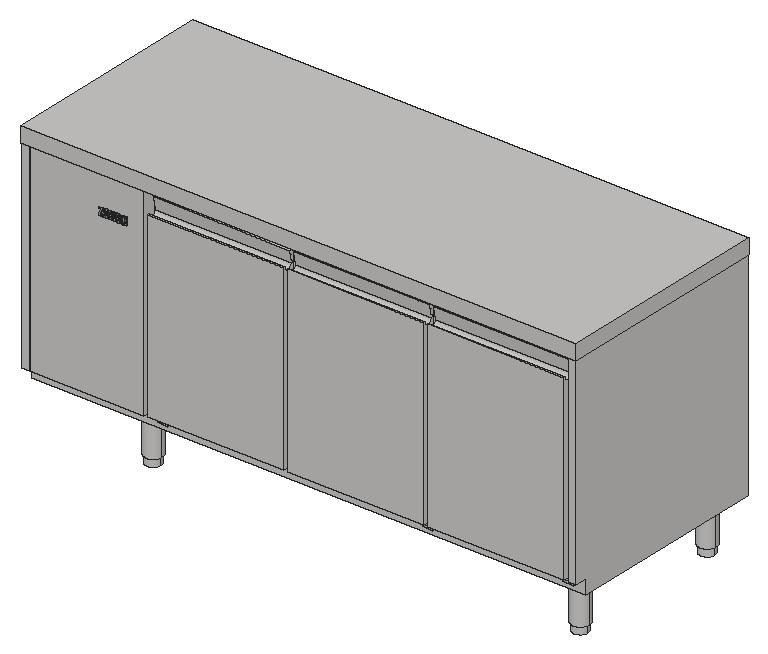
Revit family "QF_ZANUSSI_111037_ZH3HBAAA", category Specialty Equipment, Revit 2018 (continued)
Definition of nested family "ZAN_Cooling Unit"
  Lines and regions (mm)
    Split face 131
      outline origin (110.032, 2, -125.094) x (0, 0, 1) y (-1, 0, 0)
        loop
          arc (510.649, 158.547) -> (506.648, 162.548) -> (502.647, 158.547) r 4.001
          line (502.647, 158.547) -> (502.647, 116.535)
          arc (502.647, 116.535) -> (506.648, 112.533) -> (510.649, 116.535) r 4.001
          line (510.649, 116.535) -> (510.649, 158.547)
    Split face 132
      outline origin (110.032, 2, -137.098) x (0, 0, 1) y (-1, 0, 0)
        loop
          arc (510.649, 158.547) -> (506.648, 162.548) -> (502.647, 158.547) r 4.001
          line (502.647, 158.547) -> (502.647, 116.535)
          arc (502.647, 116.535) -> (506.648, 112.533) -> (510.649, 116.535) r 4.001
          line (510.649, 116.535) -> (510.649, 158.547)
    Split face 133
      outline origin (110.032, 2, -149.101) x (0, 0, 1) y (-1, 0, 0)
        loop
          arc (510.649, 158.547) -> (506.648, 162.548) -> (502.647, 158.547) r 4.001
          line (502.647, 158.547) -> (502.647, 116.535)
          arc (502.647, 116.535) -> (506.648, 112.533) -> (510.649, 116.535) r 4.001
          line (510.649, 116.535) -> (510.649, 158.547)
    Split face 134
      outline origin (110.032, 2, -161.105) x (0, 0, 1) y (-1, 0, 0)
        loop
          arc (510.649, 158.547) -> (506.648, 162.548) -> (502.647, 158.547) r 4.001
          line (502.647, 158.547) -> (502.647, 116.535)
          arc (502.647, 116.535) -> (506.648, 112.533) -> (510.649, 116.535) r 4.001
          line (510.649, 116.535) -> (510.649, 158.547)
    Split face 135
      outline origin (110.032, 2, -173.108) x (0, 0, 1) y (-1, 0, 0)
        loop
          arc (510.649, 158.547) -> (506.648, 162.548) -> (502.647, 158.547) r 4.001
          line (502.647, 158.547) -> (502.647, 116.535)
          arc (502.647, 116.535) -> (506.648, 112.533) -> (510.649, 116.535) r 4.001
          line (510.649, 116.535) -> (510.649, 158.547)
    Split face 136
      outline origin (110.032, 2, -185.112) x (0, 0, 1) y (-1, 0, 0)
        loop
          arc (510.649, 158.547) -> (506.648, 162.548) -> (502.647, 158.547) r 4.001
          line (502.647, 158.547) -> (502.647, 116.535)
          arc (502.647, 116.535) -> (506.648, 112.533) -> (510.649, 116.535) r 4.001
          line (510.649, 116.535) -> (510.649, 158.547)
    Split face 137
      outline origin (110.032, 2, -197.115) x (0, 0, 1) y (-1, 0, 0)
        loop
          arc (510.649, 158.547) -> (506.648, 162.548) -> (502.647, 158.547) r 4.001
          line (502.647, 158.547) -> (502.647, 116.535)
          arc (502.647, 116.535) -> (506.648, 112.533) -> (510.649, 116.535) r 4.001
          line (510.649, 116.535) -> (510.649, 158.547)
    Split face 138
      outline origin (110.032, 2, -209.119) x (0, 0, 1) y (-1, 0, 0)
        loop
          arc (510.649, 158.547) -> (506.648, 162.548) -> (502.647, 158.547) r 4.001
          line (502.647, 158.547) -> (502.647, 116.535)
          arc (502.647, 116.535) -> (506.648, 112.533) -> (510.649, 116.535) r 4.001
          line (510.649, 116.535) -> (510.649, 158.547)
    Split face 139
      outline origin (110.032, 2, -221.122) x (0, 0, 1) y (-1, 0, 0)
        loop
          arc (510.649, 158.547) -> (506.648, 162.548) -> (502.647, 158.547) r 4.001
          line (502.647, 158.547) -> (502.647, 116.535)
          arc (502.647, 116.535) -> (506.648, 112.533) -> (510.649, 116.535) r 4.001
          line (510.649, 116.535) -> (510.649, 158.547)
    Split face 140
      outline origin (110.032, 2, -233.126) x (0, 0, 1) y (-1, 0, 0)
        loop
          arc (510.649, 158.547) -> (506.648, 162.548) -> (502.647, 158.547) r 4.001
          line (502.647, 158.547) -> (502.647, 116.535)
          arc (502.647, 116.535) -> (506.648, 112.533) -> (510.649, 116.535) r 4.001
          line (510.649, 116.535) -> (510.649, 158.547)
    Split face 141
      outline origin (110.032, 2, -245.129) x (0, 0, 1) y (-1, 0, 0)
        loop
          arc (510.649, 158.547) -> (506.648, 162.548) -> (502.647, 158.547) r 4.001
          line (502.647, 158.547) -> (502.647, 116.535)
          arc (502.647, 116.535) -> (506.648, 112.533) -> (510.649, 116.535) r 4.001
          line (510.649, 116.535) -> (510.649, 158.547)
    Split face 142
      outline origin (110.032, 2, -257.133) x (0, 0, 1) y (-1, 0, 0)
        loop
          arc (510.649, 158.547) -> (506.648, 162.548) -> (502.647, 158.547) r 4.001
          line (502.647, 158.547) -> (502.647, 116.535)
          arc (502.647, 116.535) -> (506.648, 112.533) -> (510.649, 116.535) r 4.001
          line (510.649, 116.535) -> (510.649, 158.547)
    Split face 143
      outline origin (110.032, 2, -269.136) x (0, 0, 1) y (-1, 0, 0)
        loop
          arc (510.649, 158.547) -> (506.648, 162.548) -> (502.647, 158.547) r 4.001
          line (502.647, 158.547) -> (502.647, 116.535)
          arc (502.647, 116.535) -> (506.648, 112.533) -> (510.649, 116.535) r 4.001
          line (510.649, 116.535) -> (510.649, 158.547)
    Split face 144
      outline origin (110.032, 2, -281.14) x (0, 0, 1) y (-1, 0, 0)
        loop
          arc (510.649, 158.547) -> (506.648, 162.548) -> (502.647, 158.547) r 4.001
          line (502.647, 158.547) -> (502.647, 116.535)
          arc (502.647, 116.535) -> (506.648, 112.533) -> (510.649, 116.535) r 4.001
          line (510.649, 116.535) -> (510.649, 158.547)
    Split face 145
      outline origin (110.032, 2, -293.144) x (0, 0, 1) y (-1, 0, 0)
        loop
          arc (510.649, 158.547) -> (506.648, 162.548) -> (502.647, 158.547) r 4.001
          line (502.647, 158.547) -> (502.647, 116.535)
          arc (502.647, 116.535) -> (506.648, 112.533) -> (510.649, 116.535) r 4.001
          line (510.649, 116.535) -> (510.649, 158.547)
    Split face 146
      outline origin (165.048, 2, -113.091) x (0, 0, 1) y (-1, 0, 0)
        loop
          arc (510.649, 158.547) -> (506.648, 162.548) -> (502.647, 158.547) r 4.001
          line (502.647, 158.547) -> (502.647, 116.535)
          arc (502.647, 116.535) -> (506.648, 112.533) -> (510.649, 116.535) r 4.001
          line (510.649, 116.535) -> (510.649, 158.547)
    Split face 147
      outline origin (165.048, 2, -125.094) x (0, 0, 1) y (-1, 0, 0)
        loop
          arc (510.649, 158.547) -> (506.648, 162.548) -> (502.647, 158.547) r 4.001
          line (502.647, 158.547) -> (502.647, 116.535)
          arc (502.647, 116.535) -> (506.648, 112.533) -> (510.649, 116.535) r 4.001
          line (510.649, 116.535) -> (510.649, 158.547)
    Split face 148
      outline origin (165.048, 2, -137.098) x (0, 0, 1) y (-1, 0, 0)
        loop
          arc (510.649, 158.547) -> (506.648, 162.548) -> (502.647, 158.547) r 4.001
          line (502.647, 158.547) -> (502.647, 116.535)
          arc (502.647, 116.535) -> (506.648, 112.533) -> (510.649, 116.535) r 4.001
          line (510.649, 116.535) -> (510.649, 158.547)
    Split face 149
      outline origin (165.048, 2, -149.101) x (0, 0, 1) y (-1, 0, 0)
        loop
          arc (510.649, 158.547) -> (506.648, 162.548) -> (502.647, 158.547) r 4.001
          line (502.647, 158.547) -> (502.647, 116.535)
          arc (502.647, 116.535) -> (506.648, 112.533) -> (510.649, 116.535) r 4.001
          line (510.649, 116.535) -> (510.649, 158.547)
    Split face 150
      outline origin (165.048, 2, -161.105) x (0, 0, 1) y (-1, 0, 0)
        loop
          arc (510.649, 158.547) -> (506.648, 162.548) -> (502.647, 158.547) r 4.001
          line (502.647, 158.547) -> (502.647, 116.535)
          arc (502.647, 116.535) -> (506.648, 112.533) -> (510.649, 116.535) r 4.001
          line (510.649, 116.535) -> (510.649, 158.547)
    Split face 151
      outline origin (165.048, 2, -173.108) x (0, 0, 1) y (-1, 0, 0)
        loop
          arc (510.649, 158.547) -> (506.648, 162.548) -> (502.647, 158.547) r 4.001
          line (502.647, 158.547) -> (502.647, 116.535)
          arc (502.647, 116.535) -> (506.648, 112.533) -> (510.649, 116.535) r 4.001
          line (510.649, 116.535) -> (510.649, 158.547)
    Split face 152
      outline origin (165.048, 2, -185.112) x (0, 0, 1) y (-1, 0, 0)
        loop
          arc (510.649, 158.547) -> (506.648, 162.548) -> (502.647, 158.547) r 4.001
          line (502.647, 158.547) -> (502.647, 116.535)
          arc (502.647, 116.535) -> (506.648, 112.533) -> (510.649, 116.535) r 4.001
          line (510.649, 116.535) -> (510.649, 158.547)
    Split face 153
      outline origin (165.048, 2, -197.115) x (0, 0, 1) y (-1, 0, 0)
        loop
          arc (510.649, 158.547) -> (506.648, 162.548) -> (502.647, 158.547) r 4.001
          line (502.647, 158.547) -> (502.647, 116.535)
          arc (502.647, 116.535) -> (506.648, 112.533) -> (510.649, 116.535) r 4.001
          line (510.649, 116.535) -> (510.649, 158.547)
    Split face 154
      outline origin (165.048, 2, -209.119) x (0, 0, 1) y (-1, 0, 0)
        loop
          arc (510.649, 158.547) -> (506.648, 162.548) -> (502.647, 158.547) r 4.001
          line (502.647, 158.547) -> (502.647, 116.535)
          arc (502.647, 116.535) -> (506.648, 112.533) -> (510.649, 116.535) r 4.001
          line (510.649, 116.535) -> (510.649, 158.547)
    Split face 155
      outline origin (165.048, 2, -221.122) x (0, 0, 1) y (-1, 0, 0)
        loop
          arc (510.649, 158.547) -> (506.648, 162.548) -> (502.647, 158.547) r 4.001
          line (502.647, 158.547) -> (502.647, 116.535)
          arc (502.647, 116.535) -> (506.648, 112.533) -> (510.649, 116.535) r 4.001
          line (510.649, 116.535) -> (510.649, 158.547)
    Split face 156
      outline origin (165.048, 2, -233.126) x (0, 0, 1) y (-1, 0, 0)
        loop
          arc (510.649, 158.547) -> (506.648, 162.548) -> (502.647, 158.547) r 4.001
          line (502.647, 158.547) -> (502.647, 116.535)
          arc (502.647, 116.535) -> (506.648, 112.533) -> (510.649, 116.535) r 4.001
          line (510.649, 116.535) -> (510.649, 158.547)
    Split face 157
      outline origin (165.048, 2, -245.129) x (0, 0, 1) y (-1, 0, 0)
        loop
          arc (510.649, 158.547) -> (506.648, 162.548) -> (502.647, 158.547) r 4.001
          line (502.647, 158.547) -> (502.647, 116.535)
          arc (502.647, 116.535) -> (506.648, 112.533) -> (510.649, 116.535) r 4.001
          line (510.649, 116.535) -> (510.649, 158.547)
    Split face 158
      outline origin (165.048, 2, -257.133) x (0, 0, 1) y (-1, 0, 0)
        loop
          arc (510.649, 158.547) -> (506.648, 162.548) -> (502.647, 158.547) r 4.001
          line (502.647, 158.547) -> (502.647, 116.535)
          arc (502.647, 116.535) -> (506.648, 112.533) -> (510.649, 116.535) r 4.001
          line (510.649, 116.535) -> (510.649, 158.547)
    Split face 159
      outline origin (165.048, 2, -269.136) x (0, 0, 1) y (-1, 0, 0)
        loop
          arc (510.649, 158.547) -> (506.648, 162.548) -> (502.647, 158.547) r 4.001
          line (502.647, 158.547) -> (502.647, 116.535)
          arc (502.647, 116.535) -> (506.648, 112.533) -> (510.649, 116.535) r 4.001
          line (510.649, 116.535) -> (510.649, 158.547)
    Split face 160
      outline origin (165.048, 2, -281.14) x (0, 0, 1) y (-1, 0, 0)
        loop
          arc (510.649, 158.547) -> (506.648, 162.548) -> (502.647, 158.547) r 4.001
          line (502.647, 158.547) -> (502.647, 116.535)
          arc (502.647, 116.535) -> (506.648, 112.533) -> (510.649, 116.535) r 4.001
          line (510.649, 116.535) -> (510.649, 158.547)
    Split face 161
      outline origin (165.048, 2, -293.144) x (0, 0, 1) y (-1, 0, 0)
        loop
          arc (510.649, 158.547) -> (506.648, 162.548) -> (502.647, 158.547) r 4.001
          line (502.647, 158.547) -> (502.647, 116.535)
          arc (502.647, 116.535) -> (506.648, 112.533) -> (510.649, 116.535) r 4.001
          line (510.649, 116.535) -> (510.649, 158.547)
    Split face 162
      outline origin (220.064, 2, -113.091) x (0, 0, 1) y (-1, 0, 0)
        loop
          arc (510.649, 158.547) -> (506.648, 162.548) -> (502.647, 158.547) r 4.001
          line (502.647, 158.547) -> (502.647, 116.535)
          arc (502.647, 116.535) -> (506.648, 112.533) -> (510.649, 116.535) r 4.001
          line (510.649, 116.535) -> (510.649, 158.547)
    Split face 163
      outline origin (220.064, 2, -125.094) x (0, 0, 1) y (-1, 0, 0)
        loop
          arc (510.649, 158.547) -> (506.648, 162.548) -> (502.647, 158.547) r 4.001
          line (502.647, 158.547) -> (502.647, 116.535)
          arc (502.647, 116.535) -> (506.648, 112.533) -> (510.649, 116.535) r 4.001
          line (510.649, 116.535) -> (510.649, 158.547)
    Split face 164
      outline origin (220.064, 2, -137.098) x (0, 0, 1) y (-1, 0, 0)
        loop
          arc (510.649, 158.547) -> (506.648, 162.548) -> (502.647, 158.547) r 4.001
          line (502.647, 158.547) -> (502.647, 116.535)
          arc (502.647, 116.535) -> (506.648, 112.533) -> (510.649, 116.535) r 4.001
          line (510.649, 116.535) -> (510.649, 158.547)
    Split face 165
      outline origin (220.064, 2, -149.101) x (0, 0, 1) y (-1, 0, 0)
        loop
          arc (510.649, 158.547) -> (506.648, 162.548) -> (502.647, 158.547) r 4.001
          line (502.647, 158.547) -> (502.647, 116.535)
          arc (502.647, 116.535) -> (506.648, 112.533) -> (510.649, 116.535) r 4.001
          line (510.649, 116.535) -> (510.649, 158.547)
    Split face 166
      outline origin (220.064, 2, -161.105) x (0, 0, 1) y (-1, 0, 0)
        loop
          arc (510.649, 158.547) -> (506.648, 162.548) -> (502.647, 158.547) r 4.001
          line (502.647, 158.547) -> (502.647, 116.535)
          arc (502.647, 116.535) -> (506.648, 112.533) -> (510.649, 116.535) r 4.001
          line (510.649, 116.535) -> (510.649, 158.547)
    Split face 167
      outline origin (220.064, 2, -173.108) x (0, 0, 1) y (-1, 0, 0)
        loop
          arc (510.649, 158.547) -> (506.648, 162.548) -> (502.647, 158.547) r 4.001
          line (502.647, 158.547) -> (502.647, 116.535)
          arc (502.647, 116.535) -> (506.648, 112.533) -> (510.649, 116.535) r 4.001
          line (510.649, 116.535) -> (510.649, 158.547)
    Split face 168
      outline origin (220.064, 2, -185.112) x (0, 0, 1) y (-1, 0, 0)
        loop
          arc (510.649, 158.547) -> (506.648, 162.548) -> (502.647, 158.547) r 4.001
          line (502.647, 158.547) -> (502.647, 116.535)
          arc (502.647, 116.535) -> (506.648, 112.533) -> (510.649, 116.535) r 4.001
          line (510.649, 116.535) -> (510.649, 158.547)
    Split face 169
      outline origin (220.064, 2, -197.115) x (0, 0, 1) y (-1, 0, 0)
        loop
          arc (510.649, 158.547) -> (506.648, 162.548) -> (502.647, 158.547) r 4.001
          line (502.647, 158.547) -> (502.647, 116.535)
          arc (502.647, 116.535) -> (506.648, 112.533) -> (510.649, 116.535) r 4.001
          line (510.649, 116.535) -> (510.649, 158.547)
    Split face 170
      outline origin (220.064, 2, -209.119) x (0, 0, 1) y (-1, 0, 0)
        loop
          arc (510.649, 158.547) -> (506.648, 162.548) -> (502.647, 158.547) r 4.001
          line (502.647, 158.547) -> (502.647, 116.535)
          arc (502.647, 116.535) -> (506.648, 112.533) -> (510.649, 116.535) r 4.001
          line (510.649, 116.535) -> (510.649, 158.547)
    Split face 171
      outline origin (220.064, 2, -221.122) x (0, 0, 1) y (-1, 0, 0)
        loop
          arc (510.649, 158.547) -> (506.648, 162.548) -> (502.647, 158.547) r 4.001
          line (502.647, 158.547) -> (502.647, 116.535)
          arc (502.647, 116.535) -> (506.648, 112.533) -> (510.649, 116.535) r 4.001
          line (510.649, 116.535) -> (510.649, 158.547)
    Split face 172
      outline origin (220.064, 2, -233.126) x (0, 0, 1) y (-1, 0, 0)
        loop
          arc (510.649, 158.547) -> (506.648, 162.548) -> (502.647, 158.547) r 4.001
          line (502.647, 158.547) -> (502.647, 116.535)
          arc (502.647, 116.535) -> (506.648, 112.533) -> (510.649, 116.535) r 4.001
          line (510.649, 116.535) -> (510.649, 158.547)
    Split face 173
      outline origin (220.064, 2, -245.129) x (0, 0, 1) y (-1, 0, 0)
        loop
          arc (510.649, 158.547) -> (506.648, 162.548) -> (502.647, 158.547) r 4.001
          line (502.647, 158.547) -> (502.647, 116.535)
          arc (502.647, 116.535) -> (506.648, 112.533) -> (510.649, 116.535) r 4.001
          line (510.649, 116.535) -> (510.649, 158.547)
    Split face 174
      outline origin (220.064, 2, -257.133) x (0, 0, 1) y (-1, 0, 0)
        loop
          arc (510.649, 158.547) -> (506.648, 162.548) -> (502.647, 158.547) r 4.001
          line (502.647, 158.547) -> (502.647, 116.535)
          arc (502.647, 116.535) -> (506.648, 112.533) -> (510.649, 116.535) r 4.001
          line (510.649, 116.535) -> (510.649, 158.547)
    Split face 175
      outline origin (220.064, 2, -269.136) x (0, 0, 1) y (-1, 0, 0)
        loop
          arc (510.649, 158.547) -> (506.648, 162.548) -> (502.647, 158.547) r 4.001
          line (502.647, 158.547) -> (502.647, 116.535)
          arc (502.647, 116.535) -> (506.648, 112.533) -> (510.649, 116.535) r 4.001
          line (510.649, 116.535) -> (510.649, 158.547)
    Split face 176
      outline origin (220.064, 2, -281.14) x (0, 0, 1) y (-1, 0, 0)
        loop
          arc (510.649, 158.547) -> (506.648, 162.548) -> (502.647, 158.547) r 4.001
          line (502.647, 158.547) -> (502.647, 116.535)
          arc (502.647, 116.535) -> (506.648, 112.533) -> (510.649, 116.535) r 4.001
          line (510.649, 116.535) -> (510.649, 158.547)
    Split face 177
      outline origin (220.064, 2, -293.144) x (0, 0, 1) y (-1, 0, 0)
        loop
          arc (510.649, 158.547) -> (506.648, 162.548) -> (502.647, 158.547) r 4.001
          line (502.647, 158.547) -> (502.647, 116.535)
          arc (502.647, 116.535) -> (506.648, 112.533) -> (510.649, 116.535) r 4.001
          line (510.649, 116.535) -> (510.649, 158.547)
    Split face 178
      outline origin (275.081, 2, -113.091) x (0, 0, 1) y (-1, 0, 0)
        loop
          arc (510.649, 158.547) -> (506.648, 162.548) -> (502.647, 158.547) r 4.001
          line (502.647, 158.547) -> (502.647, 116.535)
          arc (502.647, 116.535) -> (506.648, 112.533) -> (510.649, 116.535) r 4.001
          line (510.649, 116.535) -> (510.649, 158.547)
    Split face 179
      outline origin (275.081, 2, -125.094) x (0, 0, 1) y (-1, 0, 0)
        loop
          arc (510.649, 158.547) -> (506.648, 162.548) -> (502.647, 158.547) r 4.001
          line (502.647, 158.547) -> (502.647, 116.535)
          arc (502.647, 116.535) -> (506.648, 112.533) -> (510.649, 116.535) r 4.001
          line (510.649, 116.535) -> (510.649, 158.547)
    Split face 180
      outline origin (275.081, 2, -137.098) x (0, 0, 1) y (-1, 0, 0)
        loop
          arc (510.649, 158.547) -> (506.648, 162.548) -> (502.647, 158.547) r 4.001
          line (502.647, 158.547) -> (502.647, 116.535)
          arc (502.647, 116.535) -> (506.648, 112.533) -> (510.649, 116.535) r 4.001
          line (510.649, 116.535) -> (510.649, 158.547)
    Split face 181
      outline origin (275.081, 2, -149.101) x (0, 0, 1) y (-1, 0, 0)
        loop
          arc (510.649, 158.547) -> (506.648, 162.548) -> (502.647, 158.547) r 4.001
          line (502.647, 158.547) -> (502.647, 116.535)
          arc (502.647, 116.535) -> (506.648, 112.533) -> (510.649, 116.535) r 4.001
          line (510.649, 116.535) -> (510.649, 158.547)
    Split face 182
      outline origin (275.081, 2, -161.105) x (0, 0, 1) y (-1, 0, 0)
        loop
          arc (510.649, 158.547) -> (506.648, 162.548) -> (502.647, 158.547) r 4.001
          line (502.647, 158.547) -> (502.647, 116.535)
          arc (502.647, 116.535) -> (506.648, 112.533) -> (510.649, 116.535) r 4.001
          line (510.649, 116.535) -> (510.649, 158.547)
    Split face 183
      outline origin (275.081, 2, -173.108) x (0, 0, 1) y (-1, 0, 0)
        loop
          arc (510.649, 158.547) -> (506.648, 162.548) -> (502.647, 158.547) r 4.001
          line (502.647, 158.547) -> (502.647, 116.535)
          arc (502.647, 116.535) -> (506.648, 112.533) -> (510.649, 116.535) r 4.001
          line (510.649, 116.535) -> (510.649, 158.547)
    Split face 184
      outline origin (275.081, 2, -185.112) x (0, 0, 1) y (-1, 0, 0)
        loop
          arc (510.649, 158.547) -> (506.648, 162.548) -> (502.647, 158.547) r 4.001
          line (502.647, 158.547) -> (502.647, 116.535)
          arc (502.647, 116.535) -> (506.648, 112.533) -> (510.649, 116.535) r 4.001
          line (510.649, 116.535) -> (510.649, 158.547)
    Split face 185
      outline origin (275.081, 2, -197.115) x (0, 0, 1) y (-1, 0, 0)
        loop
          arc (510.649, 158.547) -> (506.648, 162.548) -> (502.647, 158.547) r 4.001
          line (502.647, 158.547) -> (502.647, 116.535)
          arc (502.647, 116.535) -> (506.648, 112.533) -> (510.649, 116.535) r 4.001
          line (510.649, 116.535) -> (510.649, 158.547)
    Split face 186
      outline origin (275.081, 2, -209.119) x (0, 0, 1) y (-1, 0, 0)
        loop
          arc (510.649, 158.547) -> (506.648, 162.548) -> (502.647, 158.547) r 4.001
          line (502.647, 158.547) -> (502.647, 116.535)
          arc (502.647, 116.535) -> (506.648, 112.533) -> (510.649, 116.535) r 4.001
          line (510.649, 116.535) -> (510.649, 158.547)
    Split face 187
      outline origin (275.081, 2, -221.122) x (0, 0, 1) y (-1, 0, 0)
        loop
          arc (510.649, 158.547) -> (506.648, 162.548) -> (502.647, 158.547) r 4.001
          line (502.647, 158.547) -> (502.647, 116.535)
          arc (502.647, 116.535) -> (506.648, 112.533) -> (510.649, 116.535) r 4.001
          line (510.649, 116.535) -> (510.649, 158.547)
    Split face 188
      outline origin (275.081, 2, -233.126) x (0, 0, 1) y (-1, 0, 0)
        loop
          arc (510.649, 158.547) -> (506.648, 162.548) -> (502.647, 158.547) r 4.001
          line (502.647, 158.547) -> (502.647, 116.535)
          arc (502.647, 116.535) -> (506.648, 112.533) -> (510.649, 116.535) r 4.001
          line (510.649, 116.535) -> (510.649, 158.547)
    Split face 189
      outline origin (275.081, 2, -245.129) x (0, 0, 1) y (-1, 0, 0)
        loop
          arc (510.649, 158.547) -> (506.648, 162.548) -> (502.647, 158.547) r 4.001
          line (502.647, 158.547) -> (502.647, 116.535)
          arc (502.647, 116.535) -> (506.648, 112.533) -> (510.649, 116.535) r 4.001
          line (510.649, 116.535) -> (510.649, 158.547)
    Split face 190
      outline origin (275.081, 2, -257.133) x (0, 0, 1) y (-1, 0, 0)
        loop
          arc (510.649, 158.547) -> (506.648, 162.548) -> (502.647, 158.547) r 4.001
          line (502.647, 158.547) -> (502.647, 116.535)
          arc (502.647, 116.535) -> (506.648, 112.533) -> (510.649, 116.535) r 4.001
          line (510.649, 116.535) -> (510.649, 158.547)
    Split face 191
      outline origin (275.081, 2, -269.136) x (0, 0, 1) y (-1, 0, 0)
        loop
          arc (510.649, 158.547) -> (506.648, 162.548) -> (502.647, 158.547) r 4.001
          line (502.647, 158.547) -> (502.647, 116.535)
          arc (502.647, 116.535) -> (506.648, 112.533) -> (510.649, 116.535) r 4.001
          line (510.649, 116.535) -> (510.649, 158.547)
    Split face 192
      outline origin (275.081, 2, -281.14) x (0, 0, 1) y (-1, 0, 0)
        loop
          arc (510.649, 158.547) -> (506.648, 162.548) -> (502.647, 158.547) r 4.001
          line (502.647, 158.547) -> (502.647, 116.535)
          arc (502.647, 116.535) -> (506.648, 112.533) -> (510.649, 116.535) r 4.001
          line (510.649, 116.535) -> (510.649, 158.547)
    Split face 193
      outline origin (275.081, 2, -293.144) x (0, 0, 1) y (-1, 0, 0)
        loop
          arc (510.649, 158.547) -> (506.648, 162.548) -> (502.647, 158.547) r 4.001
          line (502.647, 158.547) -> (502.647, 116.535)
          arc (502.647, 116.535) -> (506.648, 112.533) -> (510.649, 116.535) r 4.001
          line (510.649, 116.535) -> (510.649, 158.547)
    Split face 194
      outline origin (0, 2, 197) x (0, 0, 1) y (-1, 0, 0)
        loop
          spline (566.835, 20.381) -> (564.628, 19.058) -> (561.987, 18.027) -> (558.955, 17.386) -> (555.581, 17.244) -> (551.912, 17.703) -> (547.993, 18.863) -> (543.871, 20.83) -> (539.591, 23.706) -> (535.202, 27.594) -> (530.748, 32.597) -> (526.28, 38.824) -> (521.835, 46.362)
        loop
          spline (521.835, 58.392) -> (525.386, 49.242) -> (529.197, 41.481) -> (533.2, 35.023) -> (537.329, 29.786) -> (541.516, 25.684) -> (545.695, 22.634) -> (549.798, 20.552) -> (553.759, 19.355) -> (557.511, 18.958) -> (560.984, 19.275) -> (564.115, 20.227) -> (566.835, 21.726)
    Split face 195
      outline origin (0, 2, 197) x (0, 0, 1) y (-1, 0, 0)
        loop
          line (555.835, 149.5) -> (532.835, 149.5) -> (532.835, 94.5) -> (555.835, 94.5) -> (555.835, 149.5)
  Dimensions and locks
    aligned and locked: level to plane 2
  Nested families
    nested 1: "ZAN_Logo_S_Grey" at (85, 2, 741.213) x (1, 0, 0) z (0, -1, 0), visible <- "Show Logo", type "ZAN_Logo_S_Grey"
  Definition of nested family "ZAN_Logo_S_Grey"
    Parameters
      Default Elevation = 0 mm
    Reference planes
      plane 1 "Centro (Fronte/Retro)": y = 0
      plane 2: z = 0
      plane 3 "Centro (Sinistra/Destra)": x = 0
    Forms (mm)
      Extrusion 1, solid
        sketch origin (0, 0, 0) x (1, 0, 0) y (0, 1, 0)
          loop
            line (-1219.2, 1219.2) -> (-1219.2, -1219.2) -> (1219.2, -1219.2) -> (1219.2, 1219.2) -> (-1219.2, 1219.2)
        from 0 to -304.8
      Extrusion 2, solid
        sketch origin (17.793, -46.218, 0) x (-1, 0, 0) y (0, -1, 0)
          loop
            spline (-4.176, -58.079) -> (-3.496, -58.328) -> (-2.793, -58.512) -> (-2.075, -58.63) -> (-1.348, -58.682) -> (-0.619, -58.669) -> (0.106, -58.588) -> (0.818, -58.44) -> (1.512, -58.225) -> (2.18, -57.941) -> (2.817, -57.589) -> (3.414, -57.167) -> (3.966, -56.676)
            spline (3.966, -56.676) -> (4.293, -56.162) -> (4.575, -55.61) -> (4.81, -55.026) -> (5, -54.419) -> (5.146, -53.797) -> (5.247, -53.166) -> (5.304, -52.536) -> (5.318, -51.913) -> (5.288, -51.306) -> (5.217, -50.723) -> (5.103, -50.17) -> (4.949, -49.657)
            line (4.949, -49.657) -> (2.702, -46.428) -> (0.316, -44.323)
            spline (0.316, -44.323) -> (0.065, -44.115) -> (-0.195, -43.909) -> (-0.46, -43.704) -> (-0.729, -43.496) -> (-0.997, -43.282) -> (-1.263, -43.059) -> (-1.523, -42.825) -> (-1.774, -42.576) -> (-2.013, -42.309) -> (-2.238, -42.022) -> (-2.445, -41.712) -> (-2.632, -41.375)
            spline (-2.632, -41.375) -> (-2.666, -41.159) -> (-2.697, -40.934) -> (-2.722, -40.701) -> (-2.736, -40.465) -> (-2.736, -40.227) -> (-2.72, -39.989) -> (-2.682, -39.754) -> (-2.621, -39.524) -> (-2.533, -39.302) -> (-2.414, -39.091) -> (-2.261, -38.892) -> (-2.07, -38.708)
            line (-2.07, -38.708) -> (-0.245, -38.567)
            spline (-0.245, -38.567) -> (0.096, -38.8) -> (0.354, -39.074) -> (0.54, -39.381) -> (0.664, -39.716) -> (0.738, -40.073) -> (0.772, -40.445) -> (0.777, -40.825) -> (0.763, -41.208) -> (0.742, -41.588) -> (0.723, -41.957) -> (0.718, -42.309) -> (0.737, -42.638)
            line (0.737, -42.638) -> (5.65, -42.638)
            spline (5.65, -42.638) -> (5.708, -42.042) -> (5.741, -41.448) -> (5.747, -40.857) -> (5.723, -40.273) -> (5.668, -39.696) -> (5.58, -39.129) -> (5.457, -38.574) -> (5.297, -38.032) -> (5.098, -37.506) -> (4.857, -36.997) -> (4.574, -36.508) -> (4.247, -36.041)
            spline (4.247, -36.041) -> (3.844, -35.675) -> (3.409, -35.35) -> (2.946, -35.065) -> (2.458, -34.819) -> (1.949, -34.612) -> (1.421, -34.444) -> (0.88, -34.314) -> (0.326, -34.221) -> (-0.234, -34.165) -> (-0.8, -34.146) -> (-1.366, -34.163) -> (-1.93, -34.216)
            spline (-1.93, -34.216) -> (-2.526, -34.309) -> (-3.116, -34.448) -> (-3.695, -34.633) -> (-4.259, -34.861) -> (-4.801, -35.131) -> (-5.316, -35.444) -> (-5.799, -35.798) -> (-6.245, -36.191) -> (-6.648, -36.624) -> (-7.002, -37.095) -> (-7.303, -37.603) -> (-7.545, -38.146)
            spline (-7.545, -38.146) -> (-7.694, -38.815) -> (-7.792, -39.487) -> (-7.839, -40.158) -> (-7.836, -40.824) -> (-7.785, -41.482) -> (-7.685, -42.129) -> (-7.539, -42.762) -> (-7.347, -43.377) -> (-7.111, -43.97) -> (-6.83, -44.538) -> (-6.506, -45.078) -> (-6.141, -45.586)
            line (-6.141, -45.586) -> (-0.526, -50.64) -> (0.176, -51.482)
            spline (0.176, -51.482) -> (0.248, -51.66) -> (0.323, -51.843) -> (0.397, -52.03) -> (0.467, -52.22) -> (0.529, -52.412) -> (0.579, -52.605) -> (0.615, -52.798) -> (0.633, -52.989) -> (0.63, -53.179) -> (0.601, -53.366) -> (0.545, -53.55) -> (0.456, -53.728)
            spline (0.456, -53.728) -> (0.375, -53.892) -> (0.273, -54.034) -> (0.154, -54.155) -> (0.02, -54.258) -> (-0.126, -54.343) -> (-0.28, -54.412) -> (-0.441, -54.466) -> (-0.604, -54.508) -> (-0.767, -54.537) -> (-0.928, -54.556) -> (-1.082, -54.567) -> (-1.228, -54.57)
            line (-1.228, -54.57) -> (-2.632, -53.587) -> (-2.772, -50.64) -> (-7.405, -50.64)
            spline (-7.405, -50.64) -> (-7.41, -51.031) -> (-7.423, -51.432) -> (-7.44, -51.839) -> (-7.456, -52.251) -> (-7.469, -52.665) -> (-7.475, -53.079) -> (-7.468, -53.489) -> (-7.446, -53.894) -> (-7.404, -54.291) -> (-7.339, -54.679) -> (-7.247, -55.053) -> (-7.123, -55.412)
            spline (-7.123, -55.412) -> (-6.999, -55.693) -> (-6.837, -55.97) -> (-6.643, -56.244) -> (-6.422, -56.509) -> (-6.177, -56.765) -> (-5.913, -57.009) -> (-5.634, -57.238) -> (-5.346, -57.45) -> (-5.051, -57.643) -> (-4.755, -57.814) -> (-4.462, -57.96) -> (-4.176, -58.079)
          loop
            spline (-21.021, -55.552) -> (-20.633, -56.181) -> (-20.177, -56.736) -> (-19.661, -57.217) -> (-19.092, -57.627) -> (-18.478, -57.966) -> (-17.827, -58.237) -> (-17.147, -58.441) -> (-16.446, -58.578) -> (-15.73, -58.652) -> (-15.009, -58.662) -> (-14.29, -58.611) -> (-13.581, -58.5)
            spline (-13.581, -58.5) -> (-13.088, -58.407) -> (-12.595, -58.269) -> (-12.109, -58.088) -> (-11.636, -57.866) -> (-11.183, -57.605) -> (-10.756, -57.307) -> (-10.361, -56.974) -> (-10.004, -56.608) -> (-9.692, -56.211) -> (-9.431, -55.784) -> (-9.228, -55.33) -> (-9.089, -54.851)
            spline (-9.089, -54.851) -> (-8.873, -54.211) -> (-8.715, -53.559) -> (-8.615, -52.901) -> (-8.574, -52.241) -> (-8.592, -51.585) -> (-8.668, -50.938) -> (-8.802, -50.306) -> (-8.995, -49.693) -> (-9.247, -49.106) -> (-9.557, -48.55) -> (-9.925, -48.03) -> (-10.352, -47.551)
            line (-10.352, -47.551) -> (-15.546, -42.919) -> (-16.669, -41.234)
            spline (-16.669, -41.234) -> (-16.704, -41.021) -> (-16.735, -40.804) -> (-16.761, -40.583) -> (-16.778, -40.361) -> (-16.784, -40.139) -> (-16.774, -39.919) -> (-16.748, -39.701) -> (-16.7, -39.488) -> (-16.63, -39.28) -> (-16.533, -39.08) -> (-16.406, -38.889) -> (-16.248, -38.708)
            line (-16.248, -38.708) -> (-14.844, -38.427)
            spline (-14.844, -38.427) -> (-14.347, -38.545) -> (-13.969, -38.749) -> (-13.695, -39.028) -> (-13.508, -39.368) -> (-13.393, -39.757) -> (-13.335, -40.182) -> (-13.318, -40.63) -> (-13.326, -41.089) -> (-13.344, -41.546) -> (-13.356, -41.988) -> (-13.347, -42.403) -> (-13.3, -42.779)
            line (-13.3, -42.779) -> (-8.387, -42.638)
            spline (-8.387, -42.638) -> (-8.326, -42.034) -> (-8.288, -41.417) -> (-8.277, -40.794) -> (-8.299, -40.169) -> (-8.357, -39.548) -> (-8.457, -38.936) -> (-8.604, -38.339) -> (-8.803, -37.762) -> (-9.058, -37.21) -> (-9.375, -36.689) -> (-9.758, -36.204) -> (-10.212, -35.76)
            spline (-10.212, -35.76) -> (-10.793, -35.336) -> (-11.409, -34.976) -> (-12.054, -34.679) -> (-12.723, -34.445) -> (-13.409, -34.273) -> (-14.107, -34.163) -> (-14.811, -34.115) -> (-15.515, -34.127) -> (-16.213, -34.2) -> (-16.899, -34.333) -> (-17.568, -34.526) -> (-18.213, -34.777)
            spline (-18.213, -34.777) -> (-18.496, -34.897) -> (-18.783, -35.044) -> (-19.071, -35.216) -> (-19.357, -35.412) -> (-19.639, -35.629) -> (-19.915, -35.865) -> (-20.182, -36.119) -> (-20.438, -36.389) -> (-20.681, -36.672) -> (-20.907, -36.967) -> (-21.115, -37.272) -> (-21.301, -37.585)
            spline (-21.301, -37.585) -> (-21.55, -38.26) -> (-21.734, -38.948) -> (-21.854, -39.647) -> (-21.91, -40.351) -> (-21.901, -41.057) -> (-21.828, -41.761) -> (-21.69, -42.459) -> (-21.489, -43.148) -> (-21.222, -43.823) -> (-20.892, -44.48) -> (-20.497, -45.116) -> (-20.038, -45.726)
            line (-20.038, -45.726) -> (-14.142, -51.061) -> (-13.44, -52.886) -> (-14.002, -54.289) -> (-15.265, -54.57) -> (-16.669, -53.587) -> (-16.81, -50.78) -> (-21.582, -50.64)
            spline (-21.582, -50.64) -> (-21.558, -51.063) -> (-21.55, -51.491) -> (-21.554, -51.92) -> (-21.561, -52.35) -> (-21.567, -52.778) -> (-21.565, -53.201) -> (-21.547, -53.619) -> (-21.509, -54.029) -> (-21.444, -54.43) -> (-21.345, -54.818) -> (-21.206, -55.193) -> (-21.021, -55.552)
          loop
            line (-22.424, -34.216) -> (-27.337, -34.216) -> (-27.337, -58.22) -> (-22.424, -58.22) -> (-22.424, -34.216)
          loop
            line (14.213, -39.971) -> (14.213, -58.22) -> (19.126, -58.22) -> (19.126, -42.077) -> (18.845, -38.146) -> (18.424, -37.164) -> (17.442, -35.9) -> (16.459, -35.199) -> (14.494, -34.356) -> (13.511, -34.216) -> (11.265, -34.216) -> (10.142, -34.497) -> (8.458, -35.479) -> (6.493, -38.287) -> (6.352, -39.269) -> (6.352, -58.22) -> (11.265, -58.22) -> (11.265, -40.392) -> (11.827, -39.129) -> (13.371, -38.988) -> (14.213, -39.971)
          loop
            line (20.249, -58.22) -> (24.741, -58.22) -> (24.741, -42.919) -> (28.812, -58.22) -> (34.006, -58.22) -> (34.006, -34.216) -> (29.654, -34.216) -> (29.654, -50.078) -> (25.583, -34.216) -> (20.249, -34.216) -> (20.249, -58.22)
          loop
            line (50.149, -58.22) -> (62.361, -58.22) -> (62.361, -53.728) -> (55.904, -53.868) -> (62.923, -39.129) -> (62.923, -34.216) -> (50.149, -34.216) -> (50.149, -39.129) -> (57.517, -39.129) -> (50.149, -54.149) -> (50.149, -58.22)
          loop
            line (38.778, -58.22) -> (45.516, -58.22) -> (49.868, -34.216) -> (44.814, -34.216) -> (44.113, -38.848) -> (40.042, -38.848) -> (39.34, -34.216) -> (34.286, -34.216) -> (38.778, -58.22)
          loop
            line (43.551, -43.2) -> (40.744, -43.2) -> (42.147, -54.117) -> (43.551, -43.2)
        from 0 to 1.644
    Dimensions and locks
      aligned and locked: plane 2 to Extrusion 1
      aligned and locked: level to Extrusion 1
Definition of nested family "Refrigerator"
  Reference planes
    plane 1 "Center (Front/Back)": y = 0
    plane 2: z = 0
    plane 3 "Center (Left/Right)": x = 0
  Lines and regions (mm)
    detail lines, in view "Ref. Level"
      curve 1: spline (-500, 190, 0) -> (-493.185, 166.706, 0) -> (-473.205, 145, 0) -> (-441.421, 126.36, 0) -> (-400, 112.058, 0) -> (-351.764, 103.067, 0) -> (-300, 100, 0) -> (-248.236, 103.067, 0) -> (-200, 112.058, 0) -> (-158.579, 126.36, 0) -> (-126.795, 145, 0) -> (-106.815, 166.706, 0) -> (-100, 190, 0) -> (-106.815, 213.294, 0) -> (-126.795, 235, 0) -> (-158.579, 253.64, 0) -> (-200, 267.942, 0) -> (-248.236, 276.933, 0) -> (-300, 280, 0) -> (-351.764, 276.933, 0) -> (-400, 267.942, 0) -> (-441.421, 253.64, 0) -> (-473.205, 235, 0) -> (-493.185, 213.294, 0) -> (-500, 190, 0)
      curve 2: line (-300, 130, 0) -> (-300, 250, 0)
      curve 3: line (-351.962, 220, 0) -> (-248.038, 160, 0)
      curve 4: line (-351.962, 160, 0) -> (-248.038, 220, 0)
      curve 5: line (-280.884, 246.873, 0) -> (-300, 225, 0)
      curve 6: line (-300, 225, 0) -> (-319.116, 246.873, 0)
      curve 7: line (-330.311, 207.5, 0) -> (-339.696, 234.992, 0)
      curve 8: line (-358.812, 201.882, 0) -> (-330.311, 207.5, 0)
      curve 9: line (-330.311, 172.5, 0) -> (-358.812, 178.118, 0)
      curve 10: line (-339.696, 145.008, 0) -> (-330.311, 172.5, 0)
      curve 11: line (-300, 155, 0) -> (-319.116, 133.127, 0)
      curve 12: line (-280.884, 133.127, 0) -> (-300, 155, 0)
      curve 13: line (-269.689, 172.5, 0) -> (-260.304, 145.008, 0)
      curve 14: line (-241.188, 178.118, 0) -> (-269.689, 172.5, 0)
      curve 15: line (-269.689, 207.5, 0) -> (-241.188, 201.882, 0)
      curve 16: line (-260.304, 234.992, 0) -> (-269.689, 207.5, 0)
